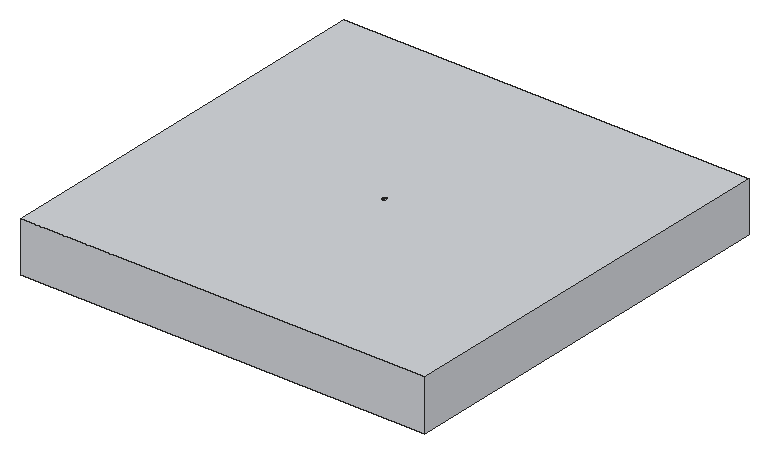
Revit family "Siebhülse VMU plus", category HLS-Bauteile, Revit 2023
Family settings
  Basisbauteil = Fläche
  Bemaßung runder Anschluss = Durchmesser verwenden
  Klassifizierung = Keine
  Teiletyp = Normal
  Beim Laden mit Abzugskörper schneiden = Nein
  Beschriftungsausrichtung beibehalten = Nein
  Gemeinsam genutzt = Ja
  Raumberechnungspunkt = Nein
Parameters (values of type "Siebhülse VM-SH 20x130")
  vpe = "10"
  passend für = "VMU plus M12-M16"
  max. zul. Last radial (Fx) bis zu 100 °C = "ja"
  d1 = 10 mm
  Default Elevation = 1219.2 mm
  T = 130 mm
  Regelhalter [instance] = ""
  Mengeneinheit = "St"
  Materialname = ""
  Material = "Polypropylen"
  Länge Dübel = 130 mm
  Länge = 128 mm
  Kurztext2 = "passend für Ankerstange VMU plus M12-M16"
  Kurztext1 = "Siebhülse VMU plus VM-SH 20 x 130 mm"
  Gewicht = 0.007 kg
  Fabrikat = "MKT"
  EAN = "4250928457776"
  D = 9.5 mm
  Brandschutz = "ja"
  Bohrerdurchmesser = "20 mm"
  Artikelnummer = "221828154301"
Types (4, lengths in mm): name | passend für | max. zul. Last radial (Fx) bis zu 100 °C | d1 | T | Länge Dübel | Länge | Kurztext2 | Kurztext1 | Gewicht | EAN | D | Brandschutz | Bohrerdurchmesser | Artikelnummer
  Siebhülse VM-SH 16x 85 | "VMU plus M8-M10" | "nein" | 8 | 85 | 85 | 83 | "passend für Ankerstange VMU plus M8-M10" | "Siebhülse VMU plus VM-SH 16 x 85 mm" | 0.003 kg | "4250928455734" | 7.5 | "" | "16 mm" | "221828152001"
  Siebhülse VM-SH 16x130 | "VMU plus M8-M10" | "ja" | 8 | 130 | 130 | 128 | "passend für Ankerstange VMU plus M8-M10" | "Siebhülse VMU plus VM-SH 16 x 130 mm" | 0.004 kg | "4250928457752" | 7.5 | "ja" | "16 mm" | "221828153001"
  Siebhülse VM-SH 20x 85 | "VMU plus M12-M16" | "nein" | 10 | 85 | 85 | 83 | "passend für Ankerstange VMU plus M12-M16" | "Siebhülse VMU plus VM-SH 20 x 85 mm" | 0.004 kg | "4250928457769" | 9.5 | "" | "20 mm" | "221828154001"
  Siebhülse VM-SH 20x130 | "VMU plus M12-M16" | "ja" | 10 | 130 | 130 | 128 | "passend für Ankerstange VMU plus M12-M16" | "Siebhülse VMU plus VM-SH 20 x 130 mm" | 0.007 kg | "4250928457776" | 9.5 | "ja" | "20 mm" | "221828154301"
Reference planes
  plane 1 "Mitte (Vorne/hinten)": y = 0
  plane 2: z = 0
  plane 3 "Mitte (Links/rechts)": x = 0
Forms (mm)
  Extrusion 1, solid
    sketch origin (0, 0, 0) x (1, 0, 0) y (0, 1, 0)
      loop
        line (-1219.2, 1219.2) -> (-1219.2, -1219.2) -> (1219.2, -1219.2) -> (1219.2, 1219.2) -> (-1219.2, 1219.2)
    from 0 to -304.8
  Extrusion 2, solid
    sketch origin (0, 0, 0) x (1, 0, 0) y (0, 1, 0)
      loop
        circle (0, 0) r 10
    from 0 to -130
  Extrusion 3, void
    sketch origin (0, 0, 0) x (1, 0, 0) y (0, 1, 0)
      loop
        circle (0, 0) r 9.5
    from 0 to -128
Cuts and joins
  Extrusion 3 cuts Extrusion 2
Dimensions and locks
  "T": Extrusion 1 to Extrusion 2
  "Länge": Extrusion 1 to cut or joined group of Extrusion 2, Extrusion 3
  "d1": radius of Extrusion 2 sketch curve
  "D": radius of Extrusion 3 sketch curve
  aligned and locked: plane 2 to Extrusion 1
  aligned and locked: level to Extrusion 1
Automatic sketch dimensions
  Extrusion 1 sketch curve to Extrusion 1 sketch curve = 2438.4 mm  (x2)
  plane 1 "Mitte (Vorne/hinten)" to Extrusion 2 sketch curve = 0 mm
  Extrusion 2 sketch curve to plane 3 "Mitte (Links/rechts)" = 0 mm
  plane 1 "Mitte (Vorne/hinten)" to Extrusion 3 sketch curve = 0 mm
  Extrusion 3 sketch curve to plane 3 "Mitte (Links/rechts)" = 0 mm
